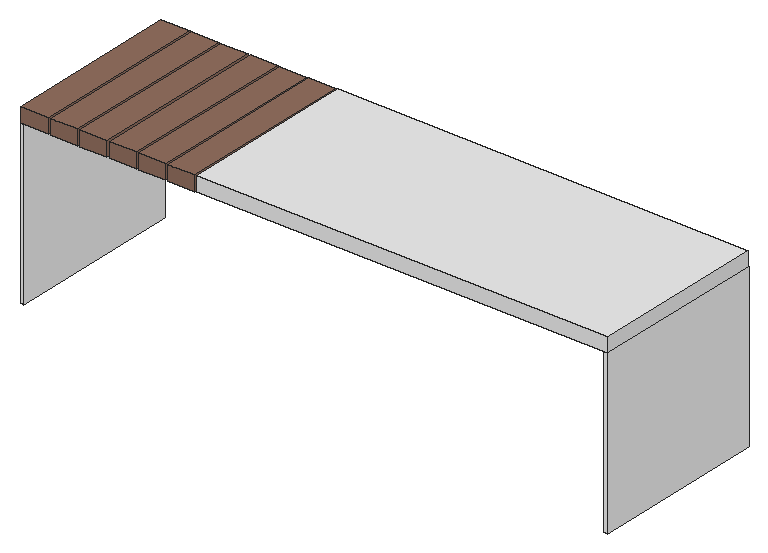
Revit family "HighTower_Ayre_UpholsteredBench_wSideTable", category Furniture, Revit 2015
Parameters
  Width = 5' - 0"  # constant formula
  Upholstery [instance] = Furniture - HIGH TOWER - Ayre - Upholstery
  URL = "www.hightoweraccess.com"
  Seat [instance] = Furniture - HIGH TOWER - Ayre - Slat
  Product URL = "http://www.hightoweraccess.com/pricelist/new/pdf/ayre.pdf"
  Model = "HT12900"
  Manufacturer = "HighTower"
  Height = 1' - 6"  # constant formula
  Description = "Ayre Upholstered Bench wWood Side Table"
  Depth = 1' - 6"  # constant formula
  Base [instance] = Furniture - HIGH TOWER - Ayre - Base
  Assembly Description = "Furniture & Accessories"
  Assembly Code = "E2020200"
Reference planes (in)
  plane 1 "Center Front/Back": y = -1.6274
  plane 2: z = 0
  plane 3 "Center Left/Right": x = 0
  plane 4 "L": x = -30
  plane 5 "R": x = 30
  plane 6 "F": y = -10.6274
  plane 7: y = 7.3726
  plane 8: through (-6.25338, 2.33237, 23.38953) normal (0.4297, -0.4297, 0.7941)
  plane 9: z = 18
  plane 10: z = 16.5
  plane 11: x = -29.25
  plane 12: x = 29.25
  plane 13 "BL": y = 4.3726
  plane 14 "FL": y = -7.6274
  plane 15: x = -27
  plane 16: x = -24
  plane 17: x = -21
  plane 18: x = -18
  plane 19: x = -15
  plane 20: x = -12
  plane 21: x = -9
  plane 22: x = -6
  plane 23: x = -3
  plane 24: x = 0
  plane 25: x = 3
  plane 26: x = 6
  plane 27: x = 9
  plane 28: x = 12
  plane 29: x = 15
  plane 30: x = 18
  plane 31: x = 21
  plane 32: x = 24
  plane 33: x = 27
Forms (in)
  Extrusion 1, solid, material "Furniture - HIGH TOWER - Ayre - Base" <- "Base"
    sketch origin (0, -7.6274, 0) x (-1, 0, 0) y (0, 0, -1)
      loop
        line (30, -16.5) -> (30, 0) -> (29.625, 0) -> (29.625, -16.5) -> (30, -16.5)
    from -15 to 3
  Extrusion 2, solid, material "Furniture - HIGH TOWER - Ayre - Base" <- "Base"
    sketch origin (0, -7.6274, 0) x (-1, 0, 0) y (0, 0, -1)
      loop
        line (-30, 0) -> (-30, -16.5) -> (-29.625, -16.5) -> (-29.625, 0) -> (-30, 0)
    from -15 to 3
  Extrusion 3, solid, material "Furniture - HIGH TOWER - Ayre - Slat" <- "Seat"
    sketch origin (0, 0, 17.75) x (-1, 0, 0) y (0, -1, 0)
      loop
        line (30, -7.3726) -> (30, 10.6274) -> (27.125, 10.6274) -> (27.125, -7.3726) -> (30, -7.3726)
      loop
        line (24.125, -7.3726) -> (26.875, -7.3726) -> (26.875, 10.6274) -> (24.125, 10.6274) -> (24.125, -7.3726)
      loop
        line (23.875, -7.3726) -> (23.875, 10.6274) -> (21.125, 10.6274) -> (21.125, -7.3726) -> (23.875, -7.3726)
      loop
        line (17.875, -7.3726) -> (17.875, 10.6274) -> (15.125, 10.6274) -> (15.125, -7.3726) -> (17.875, -7.3726)
      loop
        line (18.125, -7.3726) -> (20.875, -7.3726) -> (20.875, 10.6274) -> (18.125, 10.6274) -> (18.125, -7.3726)
      loop
        line (12.125, -7.3726) -> (14.875, -7.3726) -> (14.875, 10.6274) -> (12.125, 10.6274) -> (12.125, -7.3726)
    from -1.25 to 0.25
  Extrusion 4, solid, material "Furniture - HIGH TOWER - Ayre - Base" <- "Base"
    sketch origin (0, 0, 0) x (0, 1, 0) y (0, 0, 1)
      loop
        line (4.3726, 16.5) -> (-7.6274, 16.5) -> (-7.6274, 14.5) -> (-7.3774, 14.5) -> (-7.3774, 16.25) -> (4.1226, 16.25) -> (4.1226, 14.5) -> (4.3726, 14.5) -> (4.3726, 16.5)
    from -29.625 to 29.625
  Extrusion 5, solid, material "Furniture - HIGH TOWER - Ayre - Upholstery" <- "Upholstery"
    sketch origin (0, 0, 17.75) x (-1, 0, 0) y (0, -1, 0)
      loop
        line (12, -7.3726) -> (12, 10.6274) -> (-30, 10.6274) -> (-30, -7.3726) -> (12, -7.3726)
    from -1.25 to 0.25
Dimensions and locks (in)
  equal spacing: plane 4 "L", plane 3 "Center Left/Right", plane 5 "R"
  "Width": plane 4 "L" to plane 5 "R"
  "Depth": plane 7 to plane 6 "F"
  "Height": plane 9 to level
  equal spacing: plane 7, plane 1 "Center Front/Back", plane 6 "F"
  locked: plane 6 "F" to plane 14 "FL" at 3
  locked: plane 7 to plane 13 "BL" at 3
  locked: plane 4 "L" to plane 11 at 0.75
  locked: plane 12 to plane 5 "R" at 0.75
  equal spacing: plane 4 "L", plane 15, plane 16, plane 17, plane 18, plane 19, plane 20, plane 21, plane 22, plane 23, plane 24, plane 25, plane 26, plane 27, plane 28, plane 29, plane 30, plane 31, plane 32, plane 33, plane 5 "R"
  aligned and locked: plane 7 to Extrusion 1
  aligned and locked: Extrusion 1 to plane 6 "F"
  aligned and locked: plane 7 to Extrusion 2
  aligned and locked: Extrusion 2 to plane 6 "F"
  aligned and locked: Extrusion 5 sketch curve to plane 7
  aligned and locked: plane 6 "F" to Extrusion 5 sketch curve
  aligned and locked: plane 5 "R" to Extrusion 5 sketch curve
  aligned and locked: Extrusion 5 to plane 10
  aligned and locked: Extrusion 4 to Extrusion 1
Automatic sketch dimensions
  Extrusion 1 sketch curve to plane 10 = 0' - 0"
  Extrusion 1 sketch curve to plane 11 = 0' - 0 3/8"
  Extrusion 1 sketch curve to level = 0' - 0"
  Extrusion 1 sketch curve to plane 4 "L" = 0' - 0"
  plane 5 "R" to Extrusion 2 sketch curve = 0' - 0"
  Extrusion 2 sketch curve to plane 10 = 0' - 0"
  Extrusion 2 sketch curve to plane 12 = 0' - 0 3/8"
  Extrusion 2 sketch curve to level = 0' - 0"
  Extrusion 3 sketch curve to plane 6 "F" = 0' - 0"  (x6)
  Extrusion 3 sketch curve to plane 7 = 0' - 0"  (x6)
  Extrusion 3 sketch curve to plane 4 "L" = 0' - 0"
  Extrusion 3 sketch curve to plane 20 = 0' - 0 1/8"
  plane 19 to Extrusion 3 sketch curve = 0' - 0 1/8"
  Extrusion 3 sketch curve to plane 19 = 0' - 0 1/8"
  plane 18 to Extrusion 3 sketch curve = 0' - 0 1/8"
  Extrusion 3 sketch curve to plane 18 = 0' - 0 1/8"
  plane 17 to Extrusion 3 sketch curve = 0' - 0 1/8"
  Extrusion 3 sketch curve to plane 17 = 0' - 0 1/8"
  plane 16 to Extrusion 3 sketch curve = 0' - 0 1/8"
  Extrusion 3 sketch curve to plane 16 = 0' - 0 1/8"
  plane 15 to Extrusion 3 sketch curve = 0' - 0 1/8"
  Extrusion 3 sketch curve to plane 15 = 0' - 0 1/8"
  Extrusion 4 sketch curve to plane 14 "FL" = 0' - 0"
  Extrusion 4 sketch curve to plane 13 "BL" = 0' - 0"
  Extrusion 4 sketch curve to plane 10 = 0' - 0"
  Extrusion 4 sketch curve to plane 14 "FL" = 0' - 0 1/4"
  Extrusion 4 sketch curve to Extrusion 4 sketch curve = 0' - 0 1/4"
  Extrusion 4 sketch curve to plane 10 = 0' - 0 1/4"
  Extrusion 4 sketch curve to Extrusion 4 sketch curve = 0' - 1 3/4"  (x2)
  plane 4 "L" to Extrusion 5 sketch curve = 1' - 6"
